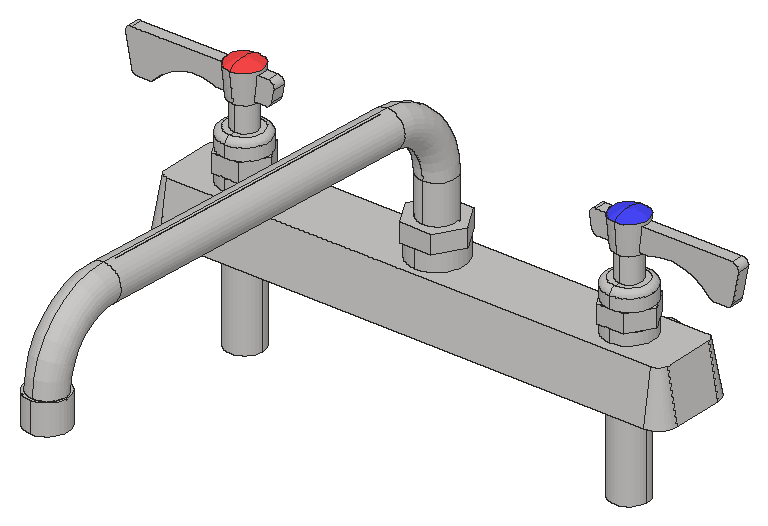
Revit family "Krowne_15-510L_DeckMount_Faucet", category Plumbing Fixtures, Revit 2018
Family settings
  Round Connector Dimension = Use Diameter
  Part Type = Normal
  OmniClass Number = 23.40.40.00
  OmniClass Title = Food Service Equipment and Furnishings
  Work Plane-Based = No
  Always vertical = Yes
  Cut with Voids When Loaded = No
  Shared = No
  Room Calculation Point = No
Parameters (values of type "DefaultType")
  Width = 12 3/4"
  Weight in Pounds = 5
  Watermarked By = ""
  Waste Water Discharge Temperature [instance] = -459.67 °F
  URL Cutsheet = ""
  URL = "https://krowne.com/"
  Status [instance] = ""
  Specification by User [instance] = ""
  Specification by Manufacturer [instance] = ""
  Serial Number [instance] = ""
  Revision Code [instance] = ""
  Plumbing Remarks [instance] = ""
  Plumbing Connection Type = ""
  NAFEM Spec ID Number [instance] = ""
  Model = "15-510L"
  Masterspec [instance] = ""
  Manufacturer = "Krowne Metal"
  KCLRef = "KCL2C9,,0004c594-0000-0000-0000-000000000307,KR,15-510L ,637110199160000000,a02db2c0-4277-4ae8-bdf1-ddcbd58be547,4061826e-60a9-4893-a87e-77ca13a3ba37"
  KCL SpecSheet URL = "http://kclweb.kclcad.com/imagehandler.ashx?kdoc=15-5xxl&R=KR&M=15-510L%20&VC=7&TID=KCLWeb&T=doc"
  Item Number [instance] = "-"
  Installed By [instance] = ""
  Hot Water Temperature = 100 °F
  Hot Water Size = 1/2"
  Hot Water RI Height [instance] = 0"
  Hot Water Minimum Pressure = 0.00 psi
  Hot Water Maximum Pressure = 0.00 psi
  Hot Water Flow = 1.8 GPM
  Hot Water Consumption = 0 GPM
  Hot Water Connection Height = 0"
  Height = 3 3/8"
  Furnished By [instance] = ""
  Foodservice Equipment Identifier = yes
  Description = "Deck Mount Faucet"
  Depth = 1 7/8"
  Cold Water Temperature Recommended = -459.67 °F
  Cold Water Size = 1/2"
  Cold Water RI Height [instance] = 0"
  Cold Water Minimum Pressure = 0.00 psi
  Cold Water Maximum Pressure = 0.00 psi
  Cold Water Flow = 1.8 GPM
  Cold Water Consumption = ""
  Cold Water Connection Height = 0"
  CSI MasterFormat = ""
  Assembly Code = "E1090300"
Reference planes (in)
  plane 1 "BACK": y = 0
  plane 2: z = 0
  plane 3 "LEFT": x = -18.94073
  plane 4 "RIGHT": x = -6.19073
  plane 5 "FRONT": y = -1.875
  plane 6 "TOP": z = 3.375
  plane 7 "CENTER L/R": x = -12.56573
  plane 8 "Top of Body": z = 1.0625
  plane 9: y = -0.9375
  plane 10: z = 2.375
  plane 11: y = -11.0625
  plane 12: z = 4.75
Forms (in)
  Sweep 1, solid, material "QF_Stainless-Polished"
    path origin (-12.56573, 0, 0) x (0, 1, 0) y (0, 0, 1)
      loop
        line (-0.9375, 1.0625) -> (-0.9375, 2.61845)
        arc (-0.9375, 2.61845) -> (-1.31585, 3.56571) -> (-2.24267, 3.99167) r 1.375
        line (-2.24267, 3.99167) -> (-9.61767, 4.36667)
        arc (-9.61767, 4.36667) -> (-10.63476, 3.9901) -> (-11.0625, 2.99345) r 1.375
        line (-11.0625, 2.99345) -> (-11.0625, 2.375)
    profile origin (-12.56573, -0.9375, 1.84047) x (0, -1, 0) y (1, 0, 0)
      loop
        circle (0, 0) r 0.375
      loop
        circle (0, 0) r 0.25
  Extrusion 2, solid, material "QF_Stainless-Polished"
    sketch origin (0, 0, 1.0625) x (0, 1, 0) y (-1, 0, 0)
      loop
        circle (-0.9375, 12.56573) r 0.375
      loop
        circle (-0.9375, 12.56573) r 0.4375
    from 0 to 0.625
  Extrusion 3, solid, material "QF_Stainless-Polished"
    sketch origin (0, 0, 1.0625) x (0, 1, 0) y (-1, 0, 0)
      loop
        circle (-0.9375, 12.56573) r 0.5625
      loop
        circle (-0.9375, 12.56573) r 0.375
    from 0 to 0.375
  Extrusion 4, solid, material "QF_Stainless-Polished"
    sketch origin (0, 0, 1.4375) x (0, 1, 0) y (-1, 0, 0)
      loop
        line (-0.9375, 11.91391) -> (-0.37301, 12.23982) -> (-0.37301, 12.89163) -> (-0.9375, 13.21754) -> (-1.50199, 12.89163) -> (-1.50199, 12.23982) -> (-0.9375, 11.91391)
      loop
        circle (-0.9375, 12.56573) r 0.375
    from 0 to 0.375
  Extrusion 5, solid, material "QF_Stainless-Polished"
    sketch origin (-12.56573, -11.0625, 2.375) x (0, -1, 0) y (-1, 0, 0)
      loop
        circle (0, 0) r 0.375
      loop
        circle (0, 0) r 0.4375
    from 0 to -0.625
Lines and regions (in)
  symbolic lines
    curve 1: line (-12.23982, -0.37301, 0) -> (-12.89163, -0.37301, 0)
    curve 2: line (-12.89163, -0.37301, 0) -> (-13.21754, -0.9375, 0)
    curve 3: line (-13.21754, -0.9375, 0) -> (-12.94073, -1.41696, 0)
    curve 4: line (-12.19073, -1.41696, 0) -> (-11.91391, -0.9375, 0)
    curve 5: line (-11.91391, -0.9375, 0) -> (-12.23982, -0.37301, 0)
    curve 6: arc (-12.56573, -1.3125, 0) -> (-12.94073, -0.9375, 0) -> (-12.56573, -0.5625, 0) r 0.375
    curve 7: arc (-12.56573, -0.5625, 0) -> (-12.19073, -0.9375, 0) -> (-12.56573, -1.3125, 0) r 0.375
    curve 8: arc (-12.94073, -11.0625, 0) -> (-12.83089, -11.32767, 0) -> (-12.56573, -11.4375, 0) r 0.375
    curve 9: arc (-12.56573, -11.4375, 0) -> (-12.30056, -11.32767, 0) -> (-12.19073, -11.0625, 0) r 0.375
    curve 10: line (-12.94073, -11.0625, 0) -> (-12.94073, -0.9375, 0)
    curve 11: line (-12.19073, -0.9375, 0) -> (-12.19073, -11.0625, 0)
Dimensions and locks (in)
  "Width": plane 3 "LEFT" to plane 4 "RIGHT"
  "Depth": plane 5 "FRONT" to plane 1 "BACK"
  "Height": plane 6 "TOP" to plane 2
  plane 8 "Top of Body" to level = 1 1/16"
  equal spacing: plane 5 "FRONT", plane 9, plane 1 "BACK"
  equal spacing: plane 3 "LEFT", plane 7 "CENTER L/R", plane 4 "RIGHT"
  plane 10 to plane 8 "Top of Body" = 1 5/16"
  plane 11 to plane 1 "BACK" = 11 1/16"
  plane 12 to plane 8 "Top of Body" = 3 11/16"
  aligned and locked: level to plane 2
  aligned and locked: plane 9 to Sweep 1 sketch curve
  aligned and locked: Sweep 1 sketch curve to plane 11
  aligned and locked: plane 10 to Sweep 1 sketch curve
Automatic sketch dimensions
  Sweep 1 sketch curve to Sweep 1 sketch curve = 0"  (x2)
  Sweep 1 sketch curve to plane 7 "CENTER L/R" = 0"
  Sweep 1 sketch curve to profile plane = 0"
  Extrusion 2 sketch curve to Extrusion 2 sketch curve = 0"  (x2)
  Extrusion 2 sketch curve to plane 7 "CENTER L/R" = 0"
  plane 9 to Extrusion 2 sketch curve = 0"
  Extrusion 4 sketch curve to Extrusion 4 sketch curve = 0"  (x2)
  Extrusion 4 sketch curve to Extrusion 4 sketch curve = 0.56449"  (x2)
  Extrusion 4 sketch curve to Extrusion 4 sketch curve = 0.32591"  (x5)
  Extrusion 4 sketch curve to Extrusion 4 sketch curve = 0.65182"
  curve 8 to curve 9 = 0"
  plane 9 to curve 2 = 0"
  plane 11 to curve 10 = 0"
  plane 9 to curve 10 = 0"
  curve 6 to plane 7 "CENTER L/R" = 0"
  plane 9 to curve 11 = 0"
  plane 9 to curve 4 = 0"
  plane 9 to curve 6 = 0"
  curve 1 to plane 7 "CENTER L/R" = 0.32591"
  curve 10 to curve 8 = 3/8"
  curve 3 to curve 10 = 0.27682"
  plane 7 "CENTER L/R" to curve 5 = 0.32591"
  curve 11 to curve 4 = 0.27682"
  plane 1 "BACK" to curve 1 = 0.37301"
  curve 3 to curve 6 = 0.10446"
  curve 4 to curve 6 = 0.10446"
  Extrusion 3 sketch curve to Extrusion 3 sketch curve = 0"  (x2)
  Extrusion 3 sketch curve to plane 7 "CENTER L/R" = 0"
  plane 9 to Extrusion 3 sketch curve = 0"
  Sweep 1 sketch curve to plane 8 "Top of Body" = 0"
  Sweep 1 sketch curve to plane 6 "TOP" = 0.38155"
  Sweep 1 sketch curve to plane 12 = 0.38333"
  Sweep 1 sketch curve to Sweep 1 sketch curve = 0.06983"
  plane 5 "FRONT" to Sweep 1 sketch curve = 7/16"
  plane 5 "FRONT" to Sweep 1 sketch curve = 0.36767"
  plane 10 to Sweep 1 sketch curve = 0.24345"
  radius of Sweep 1 sketch curve = 3/8"
  radius of Sweep 1 sketch curve = 1/4"
  radius of Extrusion 2 sketch curve = 3/8"
  radius of Extrusion 2 sketch curve = 7/16"
  radius of Extrusion 4 sketch curve to Extrusion 3 = 0"
  radius of Extrusion 5 sketch curve to Sweep 1 = 0"
  radius of Sweep 1 to Extrusion 5 sketch curve = 1/16"
  radius of Extrusion 3 sketch curve = 9/16"
  radius of Extrusion 3 sketch curve = 3/8"
Nested families (in)
  nested 1: "QF_Krowne_15-5_Body" at (-0.1875, -0.03125, 0), type "QF_Krowne_15-5_Body"
Connectors (in)
  piping at (-16.56573, 0.21875, 0.53125), diameter 0.5, driven by "Hot Water Flow", driven by "Hot Water Size"
    settings: on nested 1, index 1, connector inside diameter 24", connector length 0", flow factor 0, pipe flow 1.8 GPM, pressure drop 0.00 psi, fitting loss kfactor 0, connector angle 0.00°, fixture units 0, engagement length 0", angle of deflection 0.00°, flow configuration 1, flow direction 1, fitting loss method 0, system type 19, joint type 0, gender type 0, connector reference index -1, connector utility 0, adjustable connector no, is connector primary yes, connector description "HOT WATER"
  piping at (-8.56573, 0.21875, 0.53125), diameter 0.5, driven by "Cold Water Flow", driven by "Cold Water Size"
    settings: on nested 1, index 2, connector inside diameter 24", connector length 0", flow factor 0, pipe flow 1.8 GPM, pressure drop 0.00 psi, fitting loss kfactor 0, connector angle 0.00°, fixture units 0, engagement length 0", angle of deflection 0.00°, flow configuration 1, flow direction 1, fitting loss method 0, system type 20, joint type 0, gender type 0, connector reference index -1, connector utility 0, adjustable connector no, is connector primary no, connector description "COLD WATER"
Definition of nested family "QF_Krowne_15-5_Body"
  Parameters (values of type "QF_Krowne_15-5_Body")
    Width = 12 3/4"
    Watermarked By = ""
    Height = 3 7/8"
    Description = ""
    Depth = 1 13/16"
  Reference planes (in)
    plane 1 "BACK": y = 0
    plane 2: z = 0
    plane 3 "LEFT": x = -18.75323
    plane 4 "RIGHT": x = -6.00323
    plane 5 "TOP": z = 3.1875
    plane 6 "Center": x = -12.37823
    plane 7 "Left of Handle": x = -16.37823
    plane 8 "Right of Handle": x = -8.37823
    plane 9 "Top of Body": z = 1.0625
    plane 10 "FRONT": y = -1.8125
    plane 11: x = -17.78448
    plane 12: x = -6.97198
    plane 13 "Faucet Handle Center": y = -0.90625
    plane 14: y = -0.78125
    plane 15: y = -1.03125
    plane 16: z = 0.53125
    plane 17: z = 3.375
  Forms (in)
    Blend 1, solid
      base sketch origin (0, 0, 0) x (1, 0, 0) y (0, 1, 0)
        loop
          line (-17.40948, -1.8125) -> (-7.34698, -1.8125)
          arc (-7.34698, -1.8125) -> (-7.08181, -1.70267) -> (-6.97198, -1.4375) r 0.375
          line (-6.97198, -1.4375) -> (-6.97198, -0.375)
          arc (-6.97198, -0.375) -> (-7.08181, -0.10983) -> (-7.34698, 0) r 0.375
          line (-7.34698, 0) -> (-17.40948, 0)
          arc (-17.40948, 0) -> (-17.67464, -0.10983) -> (-17.78448, -0.375) r 0.375
          line (-17.78448, -0.375) -> (-17.78448, -1.4375)
          arc (-17.78448, -1.4375) -> (-17.67464, -1.70267) -> (-17.40948, -1.8125) r 0.375
      top sketch origin (0, 0, 0) x (1, 0, 0) y (0, 1, 0)
        loop
          arc (-17.59698, -1.4375) -> (-17.54206, -1.57008) -> (-17.40948, -1.625) r 0.1875
          line (-17.40948, -1.625) -> (-7.34698, -1.625)
          arc (-7.34698, -1.625) -> (-7.21439, -1.57008) -> (-7.15948, -1.4375) r 0.1875
          line (-7.15948, -1.4375) -> (-7.15948, -0.375)
          arc (-7.15948, -0.375) -> (-7.21439, -0.24242) -> (-7.34698, -0.1875) r 0.1875
          line (-7.34698, -0.1875) -> (-17.40948, -0.1875)
          arc (-17.40948, -0.1875) -> (-17.54206, -0.24242) -> (-17.59698, -0.375) r 0.1875
          line (-17.59698, -0.375) -> (-17.59698, -1.4375)
      from 0 to 1.0625
    Extrusion 2, solid
      sketch origin (0, 0, 1.0625) x (0, 1, 0) y (-1, 0, 0)
        loop
          circle (-0.90625, 16.37823) r 0.5
        loop
          circle (-0.90625, 8.37823) r 0.5
      from 0 to 0.25
    Extrusion 3, solid
      sketch origin (0, 0, 1.3125) x (0, 1, 0) y (-1, 0, 0)
        loop
          line (-0.90625, 15.81573) -> (-0.41911, 16.09698) -> (-0.41911, 16.65948) -> (-0.90625, 16.94073) -> (-1.39339, 16.65948) -> (-1.39339, 16.09698) -> (-0.90625, 15.81573)
        loop
          line (-0.90625, 7.81573) -> (-0.41911, 8.09698) -> (-0.41911, 8.65948) -> (-0.90625, 8.94073) -> (-1.39339, 8.65948) -> (-1.39339, 8.09698) -> (-0.90625, 7.81573)
      from 0 to 0.375
    Revolve 4, solid
      sketch origin (-16.37823, 0, 0) x (0, 1, 0) y (0, 0, 1)
        loop
          line (-0.90625, 1.6875) -> (-0.40625, 1.6875) -> (-0.40625, 1.9375)
          arc (-0.40625, 1.9375) -> (-0.44286, 2.02589) -> (-0.53125, 2.0625) r 0.125
          line (-0.53125, 2.0625) -> (-0.90625, 2.0625) -> (-0.90625, 1.6875)
        axis (-0.90625, 1.6875) -> (-0.90625, 2.0625)
      angle from 0 to 360
    Revolve 5, solid
      sketch origin (-8.37823, 0, 0) x (0, 1, 0) y (0, 0, 1)
        loop
          line (-0.90625, 1.6875) -> (-0.40625, 1.6875) -> (-0.40625, 1.9375)
          arc (-0.40625, 1.9375) -> (-0.44286, 2.02589) -> (-0.53125, 2.0625) r 0.125
          line (-0.53125, 2.0625) -> (-0.90625, 2.0625) -> (-0.90625, 1.6875)
        axis (-0.90625, 1.6875) -> (-0.90625, 2.0625)
      angle from 0 to 360
    Revolve 6, solid
      sketch origin (-8.37823, 0, 0) x (0, 1, 0) y (0, 0, 1)
        loop
          line (-0.90625, 2.0625) -> (-0.65625, 2.0625) -> (-0.65625, 2.625) -> (-0.90625, 2.625) -> (-0.90625, 2.0625)
        axis (-0.90625, 2.0625) -> (-0.90625, 2.625)
      angle from 0 to 360
    Revolve 7, solid
      sketch origin (-16.37823, 0, 0) x (0, 1, 0) y (0, 0, 1)
        loop
          line (-0.90625, 2.0625) -> (-0.65625, 2.0625) -> (-0.65625, 2.625) -> (-0.90625, 2.625) -> (-0.90625, 2.0625)
        axis (-0.90625, 2.0625) -> (-0.90625, 2.625)
      angle from 0 to 360
    Revolve 8, solid
      sketch origin (-16.37823, 0, 0) x (0, 1, 0) y (0, 0, 1)
        loop
          line (-0.90625, 2.625) -> (-0.59375, 2.625) -> (-0.53125, 3.25) -> (-0.90625, 3.25) -> (-0.90625, 2.625)
        axis (-0.90625, 2.625) -> (-0.90625, 3.25)
      angle from 0 to 360
    Revolve 9, solid
      sketch origin (-8.37823, 0, 0) x (0, 1, 0) y (0, 0, 1)
        loop
          line (-0.90625, 2.625) -> (-0.59375, 2.625) -> (-0.53125, 3.25) -> (-0.90625, 3.25) -> (-0.90625, 2.625)
        axis (-0.90625, 2.625) -> (-0.90625, 3.25)
      angle from 0 to 360
    Revolve 10, solid
      sketch origin (-16.37823, 0, 0) x (0, 1, 0) y (0, 0, 1)
        loop
          line (-0.90625, 3.25) -> (-0.53125, 3.25)
          arc (-0.53125, 3.25) -> (-0.70704, 3.34763) -> (-0.90625, 3.375) r 0.54601
          line (-0.90625, 3.375) -> (-0.90625, 3.25)
        axis (-0.90625, 3.25) -> (-0.90625, 3.375)
      angle from 0 to 360
    Revolve 11, solid
      sketch origin (-8.37823, 0, 0) x (0, 1, 0) y (0, 0, 1)
        loop
          line (-0.90625, 3.25) -> (-0.53125, 3.25)
          arc (-0.53125, 3.25) -> (-0.70704, 3.34763) -> (-0.90625, 3.375) r 0.54601
          line (-0.90625, 3.375) -> (-0.90625, 3.25)
        axis (-0.90625, 3.25) -> (-0.90625, 3.375)
      angle from 0 to 360
    Extrusion 12, solid
      sketch origin (0, 0, 0) x (1, 0, 0) y (0, 0, 1)
        loop
          circle (-16.37823, 0.53125) r 0.25
        loop
          circle (-8.37823, 0.53125) r 0.25
      from 0.21074 to -0.25
    Extrusion 13, solid
      sketch origin (0, -0.90625, 0) x (1, 0, 0) y (0, 0, 1)
        loop
          arc (-18.62823, 3.1875) -> (-18.72489, 3.14175) -> (-18.7508, 3.03799) r 0.125
          line (-18.7508, 3.03799) -> (-18.62581, 2.41303)
          arc (-18.62581, 2.41303) -> (-18.58249, 2.34087) -> (-18.50324, 2.31254) r 0.125
          line (-18.50324, 2.31254) -> (-18.25335, 2.31254)
          arc (-18.25335, 2.31254) -> (-18.20057, 2.32423) -> (-18.15766, 2.35712) r 0.125
          arc (-18.15766, 2.35712) -> (-17.58494, 2.72229) -> (-16.90628, 2.69449) r 1.13354
          arc (-16.90628, 2.69449) -> (-16.88545, 2.68898) -> (-16.86398, 2.68712) r 0.125
          line (-16.86398, 2.68712) -> (-15.83077, 2.68712)
          arc (-15.83077, 2.68712) -> (-15.75152, 2.71545) -> (-15.7082, 2.78761) r 0.125
          line (-15.7082, 2.78761) -> (-15.65813, 3.03799)
          arc (-15.65813, 3.03799) -> (-15.68403, 3.14175) -> (-15.7807, 3.1875) r 0.125
          line (-15.7807, 3.1875) -> (-18.62823, 3.1875)
        loop
          line (-6.12823, 3.1875) -> (-8.97575, 3.1875)
          arc (-8.97575, 3.1875) -> (-9.07242, 3.14175) -> (-9.09832, 3.03799) r 0.125
          line (-9.09832, 3.03799) -> (-9.04825, 2.78761)
          arc (-9.04825, 2.78761) -> (-9.00493, 2.71545) -> (-8.92568, 2.68712) r 0.125
          line (-8.92568, 2.68712) -> (-7.89247, 2.68712)
          arc (-7.89247, 2.68712) -> (-7.871, 2.68898) -> (-7.85017, 2.69449) r 0.125
          arc (-7.85017, 2.69449) -> (-7.17151, 2.72229) -> (-6.59879, 2.35712) r 1.13354
          arc (-6.59879, 2.35712) -> (-6.55588, 2.32423) -> (-6.5031, 2.31254) r 0.125
          line (-6.5031, 2.31254) -> (-6.25321, 2.31254)
          arc (-6.25321, 2.31254) -> (-6.17396, 2.34087) -> (-6.13064, 2.41303) r 0.125
          line (-6.13064, 2.41303) -> (-6.00565, 3.03799)
          arc (-6.00565, 3.03799) -> (-6.03156, 3.14175) -> (-6.12823, 3.1875) r 0.125
      from -0.125 to 0.125
    Extrusion 14, solid
      sketch origin (0, 0, 0) x (1, 0, 0) y (0, 1, 0)
        loop
          circle (-16.37823, -0.90625) r 0.375
      from 0 to -2
    Extrusion 15, solid
      sketch origin (0, 0, 0) x (1, 0, 0) y (0, 1, 0)
        loop
          circle (-8.37823, -0.90625) r 0.375
      from 0 to -2
  Lines and regions (in)
    symbolic lines
      curve 1: line (-18.75323, -0.78125, 1.0625) -> (-15.6557, -0.78125, 1.0625)
      curve 2: line (-18.75323, -1.03125, 1.0625) -> (-18.75323, -0.78125, 1.0625)
      curve 3: line (-15.6557, -1.03125, 1.0625) -> (-18.75323, -1.03125, 1.0625)
      curve 4: line (-15.6557, -0.78125, 1.0625) -> (-15.6557, -1.03125, 1.0625)
      curve 5: line (-6.00323, -0.78125, 1.0625) -> (-9.10075, -0.78125, 1.0625)
      curve 6: line (-6.00323, -1.03125, 1.0625) -> (-6.00323, -0.78125, 1.0625)
      curve 7: line (-9.10075, -1.03125, 1.0625) -> (-6.00323, -1.03125, 1.0625)
      curve 8: line (-9.10075, -0.78125, 1.0625) -> (-9.10075, -1.03125, 1.0625)
      curve 9: line (-7.34698, 0, 1.0625) -> (-17.40948, 0, 1.0625)
      curve 10: line (-6.97198, -1.4375, 1.0625) -> (-6.97198, -1.03125, 1.0625)
      curve 11: line (-17.40948, -1.8125, 1.0625) -> (-7.34698, -1.8125, 1.0625)
      curve 12: line (-17.78448, -0.375, 1.0625) -> (-17.78448, -0.78125, 1.0625)
      curve 13: line (-17.78448, -1.03125, 1.0625) -> (-17.78448, -1.4375, 1.0625)
      curve 14: line (-6.97198, -0.78125, 1.0625) -> (-6.97198, -0.375, 1.0625)
      curve 15: line (-16.65948, -0.41911, 1.0625) -> (-16.86856, -0.78125, 1.0625)
      curve 16: line (-16.65948, -0.41911, 1.0625) -> (-16.09698, -0.41911, 1.0625)
      curve 17: line (-16.09698, -0.41911, 1.0625) -> (-15.88789, -0.78125, 1.0625)
      curve 18: line (-16.09698, -1.39339, 1.0625) -> (-16.65948, -1.39339, 1.0625)
      curve 19: line (-16.65948, -1.39339, 1.0625) -> (-16.86856, -1.03125, 1.0625)
      curve 20: line (-16.09698, -1.39339, 1.0625) -> (-15.88789, -1.03125, 1.0625)
      curve 21: line (-8.65948, -0.41911, 1.0625) -> (-8.09698, -0.41911, 1.0625)
      curve 22: line (-8.09698, -0.41911, 1.0625) -> (-7.88789, -0.78125, 1.0625)
      curve 23: line (-8.65948, -0.41911, 1.0625) -> (-8.86856, -0.78125, 1.0625)
      curve 24: line (-8.09698, -1.39339, 1.0625) -> (-8.65948, -1.39339, 1.0625)
      curve 25: line (-8.65948, -1.39339, 1.0625) -> (-8.86856, -1.03125, 1.0625)
      curve 26: line (-8.09698, -1.39339, 1.0625) -> (-7.88789, -1.03125, 1.0625)
      curve 27: arc (-17.78448, -0.375, 1.0625) -> (-17.67464, -0.10983, 1.0625) -> (-17.40948, 0, 1.0625) r 0.375
      curve 28: arc (-6.97198, -0.375, 1.0625) -> (-7.08181, -0.10983, 1.0625) -> (-7.34698, 0, 1.0625) r 0.375
      curve 29: arc (-6.97198, -1.4375, 1.0625) -> (-7.08181, -1.70267, 1.0625) -> (-7.34698, -1.8125, 1.0625) r 0.375
      curve 30: arc (-17.40948, -1.8125, 1.0625) -> (-17.67464, -1.70267, 1.0625) -> (-17.78448, -1.4375, 1.0625) r 0.375
      curve 31: line (-7.34698, -0.1875, 1.0625) -> (-17.40948, -0.1875, 1.0625)
      curve 32: arc (-17.40948, -0.1875, 1.0625) -> (-17.54206, -0.24242, 1.0625) -> (-17.59698, -0.375, 1.0625) r 0.1875
      curve 33: arc (-17.59698, -1.4375, 1.0625) -> (-17.54206, -1.57008, 1.0625) -> (-17.40948, -1.625, 1.0625) r 0.1875
      curve 34: line (-17.40948, -1.625, 1.0625) -> (-7.34698, -1.625, 1.0625)
      curve 35: arc (-7.34698, -1.625, 1.0625) -> (-7.21439, -1.57008, 1.0625) -> (-7.15948, -1.4375, 1.0625) r 0.1875
      curve 36: arc (-7.15948, -0.375, 1.0625) -> (-7.21439, -0.24242, 1.0625) -> (-7.34698, -0.1875, 1.0625) r 0.1875
      curve 37: line (-7.15948, -0.375, 1.0625) -> (-7.15948, -0.78125, 1.0625)
      curve 38: line (-7.15948, -1.4375, 1.0625) -> (-7.15948, -1.03125, 1.0625)
      curve 39: line (-17.59698, -1.4375, 1.0625) -> (-17.59698, -1.03125, 1.0625)
      curve 40: line (-17.59698, -0.375, 1.0625) -> (-17.59698, -0.78125, 1.0625)
  Dimensions and locks (in)
    "Width": plane 3 "LEFT" to plane 4 "RIGHT"
    plane 9 "Top of Body" to level = 1 1/16"
    equal spacing: plane 10 "FRONT", plane 13 "Faucet Handle Center", plane 1 "BACK"
    equal spacing: plane 15, plane 13 "Faucet Handle Center", plane 14
    locked: plane 15 to plane 14 at 0.25
    equal spacing: plane 9 "Top of Body", plane 16, level
    "Depth": plane 10 "FRONT" to plane 1 "BACK"
    plane 5 "TOP" to level = 3 3/16"
    plane 17 to level = 3 3/8"
    plane 7 "Left of Handle" to plane 8 "Right of Handle" = 8"
    equal spacing: plane 7 "Left of Handle", plane 6 "Center", plane 8 "Right of Handle"
    locked: plane 3 "LEFT" to plane 11 at 0.96875
    locked: plane 12 to plane 4 "RIGHT" at 0.96875
    aligned and locked: level to plane 2
    aligned and locked: plane 9 "Top of Body" to Blend 1
    aligned and locked: Extrusion 3 to Revolve 5 sketch curve
    aligned and locked: Revolve 8 sketch curve to Revolve 8 sketch curve
    aligned and locked: Revolve 9 sketch curve to Revolve 9 sketch curve
    aligned and locked: plane 4 "RIGHT" to curve 6
    aligned and locked: curve 12 to plane 11
    aligned and locked: plane 10 "FRONT" to Blend 1 sketch curve
    aligned and locked: Blend 1 sketch curve to plane 11
    aligned and locked: plane 10 "FRONT" to curve 11
    aligned and locked: plane 13 "Faucet Handle Center" to Revolve 5 sketch curve
    aligned and locked: Extrusion 13 to plane 14
    aligned and locked: plane 15 to Extrusion 13
  Automatic sketch dimensions
    Extrusion 2 sketch curve to plane 8 "Right of Handle" = 0"
    plane 13 "Faucet Handle Center" to Extrusion 2 sketch curve = 0"  (x2)
    Extrusion 2 sketch curve to plane 7 "Left of Handle" = 0"
    Revolve 4 sketch curve to plane 13 "Faucet Handle Center" = 0"  (x2)
    Revolve 4 sketch curve to Revolve 4 sketch curve = 3/8"
    Revolve 4 sketch curve to Revolve 4 sketch curve = 1/8"
    plane 9 "Top of Body" to Revolve 4 sketch curve = 5/8"
    Revolve 4 sketch curve to Revolve 4 sketch curve = 1/4"
    Revolve 4 sketch curve to Revolve 4 sketch curve = 0"  (x2)
    Revolve 5 sketch curve to plane 13 "Faucet Handle Center" = 0"
    Revolve 5 sketch curve to Revolve 5 sketch curve = 3/8"
    Revolve 5 sketch curve to Revolve 5 sketch curve = 1/8"
    Revolve 5 sketch curve to Revolve 5 sketch curve = 0"  (x2)
    Revolve 5 sketch curve to Revolve 5 sketch curve = 1/4"
    Revolve 6 sketch curve to plane 13 "Faucet Handle Center" = 0"  (x2)
    Revolve 6 sketch curve to plane 13 "Faucet Handle Center" = 1/4"
    plane 9 "Top of Body" to Revolve 6 sketch curve = 1"
    Revolve 6 sketch curve to Revolve 6 sketch curve = 9/16"
    Revolve 6 sketch curve to Revolve 6 sketch curve = 3/8"
    Revolve 6 sketch curve to Revolve 6 sketch curve = 0"
    Revolve 7 sketch curve to plane 13 "Faucet Handle Center" = 0"  (x2)
    Revolve 7 sketch curve to Revolve 7 sketch curve = 1/4"
    plane 9 "Top of Body" to Revolve 7 sketch curve = 1"
    Revolve 7 sketch curve to Revolve 7 sketch curve = 9/16"
    Revolve 7 sketch curve to Revolve 7 sketch curve = 3/8"
    Revolve 7 sketch curve to Revolve 7 sketch curve = 0"
    Revolve 8 sketch curve to plane 13 "Faucet Handle Center" = 0"
    Revolve 8 sketch curve to Revolve 8 sketch curve = 5/16"
    plane 5 "TOP" to Revolve 8 sketch curve = 1/16"
    Revolve 8 sketch curve to Revolve 8 sketch curve = 3/8"
    Revolve 8 sketch curve to plane 5 "TOP" = 9/16"
    Revolve 8 sketch curve to Revolve 8 sketch curve = 0"  (x2)
    Revolve 9 sketch curve to plane 13 "Faucet Handle Center" = 0"
    Revolve 9 sketch curve to plane 13 "Faucet Handle Center" = 5/16"
    plane 5 "TOP" to Revolve 9 sketch curve = 1/16"
    Revolve 9 sketch curve to plane 13 "Faucet Handle Center" = 3/8"
    Revolve 9 sketch curve to plane 5 "TOP" = 9/16"
    Revolve 9 sketch curve to Revolve 9 sketch curve = 0"  (x2)
    Revolve 10 sketch curve to plane 13 "Faucet Handle Center" = 0"  (x2)
    Revolve 10 sketch curve to plane 13 "Faucet Handle Center" = 0.02655"
    plane 5 "TOP" to Revolve 10 sketch curve = 1/16"
    Revolve 10 sketch curve to Revolve 10 sketch curve = 3/8"
    Revolve 10 sketch curve to plane 5 "TOP" = 0.35786"
    Revolve 10 sketch curve to Revolve 10 sketch curve = 0"  (x2)
    Revolve 11 sketch curve to plane 13 "Faucet Handle Center" = 0"  (x2)
    Revolve 11 sketch curve to plane 13 "Faucet Handle Center" = 0.02655"
    plane 5 "TOP" to Revolve 11 sketch curve = 1/16"
    Revolve 11 sketch curve to Revolve 11 sketch curve = 3/8"
    Revolve 11 sketch curve to plane 5 "TOP" = 0.35786"
    Revolve 11 sketch curve to Revolve 11 sketch curve = 0"  (x2)
    Extrusion 12 sketch curve to plane 7 "Left of Handle" = 0"
    Extrusion 12 sketch curve to plane 8 "Right of Handle" = 0"
    Extrusion 12 sketch curve to plane 16 = 0"  (x2)
    plane 11 to Blend 1 sketch curve = 3/8"
    Blend 1 sketch curve to Blend 1 sketch curve = 3/8"
    plane 1 "BACK" to Blend 1 sketch curve = 3/8"  (x2)
    Blend 1 sketch curve to plane 12 = 3/8"
    Blend 1 sketch curve to plane 12 = 3/16"
    Blend 1 sketch curve to Blend 1 sketch curve = 3/16"  (x4)
    plane 11 to Blend 1 sketch curve = 3/16"
    Blend 1 sketch curve to plane 10 "FRONT" = 3/8"
    plane 1 "BACK" to Blend 1 sketch curve = 0"
    Blend 1 sketch curve to plane 12 = 0"
    curve 27 to curve 32 = 0"  (x2)
    curve 28 to curve 36 = 0"  (x2)
    curve 29 to curve 35 = 0"  (x2)
    curve 30 to curve 33 = 0"  (x2)
    curve 30 to plane 11 = 0"
    curve 29 to plane 12 = 0"
    plane 15 to curve 4 = 0"
    plane 15 to curve 26 = 0"
    plane 14 to curve 40 = 0"
    plane 14 to curve 23 = 0"
    curve 14 to plane 12 = 0"
    plane 1 "BACK" to curve 9 = 0"
    curve 34 to plane 10 "FRONT" = 3/16"
    curve 33 to curve 33 = 3/16"
    curve 34 to curve 35 = 3/16"
    plane 15 to curve 26 = 0.36214"
    plane 15 to curve 20 = 0.36214"
    curve 17 to plane 14 = 0.36214"
    curve 23 to plane 14 = 0.36214"
    curve 27 to curve 27 = 3/8"
    plane 1 "BACK" to curve 14 = 3/8"
    curve 31 to curve 28 = 3/16"
    plane 8 "Right of Handle" to curve 22 = 9/32"
    plane 8 "Right of Handle" to curve 24 = 9/32"
    curve 24 to plane 8 "Right of Handle" = 9/32"
    curve 21 to plane 8 "Right of Handle" = 9/32"
    curve 21 to curve 8 = 0.44128"
    plane 7 "Left of Handle" to curve 4 = 0.72253"
    plane 7 "Left of Handle" to curve 20 = 9/32"
    plane 7 "Left of Handle" to curve 17 = 9/32"
    curve 19 to plane 7 "Left of Handle" = 9/32"
    curve 16 to plane 7 "Left of Handle" = 9/32"
    curve 2 to plane 3 "LEFT" = 0"
    curve 22 to curve 21 = 0.20908"
    curve 26 to curve 22 = 0"
    curve 23 to curve 5 = 0.2322"
    curve 25 to curve 7 = 0.2322"
    curve 3 to curve 20 = 0.2322"
    curve 1 to curve 17 = 0.2322"
    curve 18 to curve 19 = 0.20908"
    curve 15 to curve 19 = 0"
    Extrusion 3 sketch curve to Extrusion 3 sketch curve = 0"
    Extrusion 3 sketch curve to Extrusion 3 sketch curve = 0.48714"  (x6)
    Extrusion 3 sketch curve to Extrusion 3 sketch curve = 9/32"  (x6)
    Extrusion 3 sketch curve to Extrusion 3 sketch curve = 9/16"  (x4)
    Extrusion 3 sketch curve to Extrusion 3 sketch curve = 6 7/8"
    Extrusion 13 sketch curve to plane 5 "TOP" = 0"  (x2)
    Extrusion 13 sketch curve to plane 7 "Left of Handle" = 2.37257"
    Extrusion 13 sketch curve to plane 7 "Left of Handle" = 2 1/4"
    Extrusion 13 sketch curve to plane 7 "Left of Handle" = 2.24759"
    Extrusion 13 sketch curve to plane 7 "Left of Handle" = 2 1/8"
    Extrusion 13 sketch curve to Extrusion 13 sketch curve = 0.24989"
    plane 9 "Top of Body" to Extrusion 13 sketch curve = 0.56533"  (x2)
    Extrusion 13 sketch curve to Extrusion 13 sketch curve = 0.96348"
    Extrusion 13 sketch curve to plane 5 "TOP" = 0.50038"  (x2)
    Extrusion 13 sketch curve to Extrusion 13 sketch curve = 0.42589"  (x2)
    Extrusion 13 sketch curve to Extrusion 13 sketch curve = 1.03321"  (x2)
    Extrusion 13 sketch curve to plane 5 "TOP" = 1/8"  (x2)
    Extrusion 13 sketch curve to Extrusion 13 sketch curve = 0.05007"  (x2)
    Extrusion 13 sketch curve to plane 5 "TOP" = 0.39989"  (x2)
    Extrusion 13 sketch curve to Extrusion 13 sketch curve = 0.12257"  (x3)
    Extrusion 13 sketch curve to plane 5 "TOP" = 0.14951"  (x4)
    plane 6 "Center" to Extrusion 13 sketch curve = 3.2799"
    plane 8 "Right of Handle" to Extrusion 13 sketch curve = 1.87513"
    plane 8 "Right of Handle" to Extrusion 13 sketch curve = 2 1/8"
    plane 8 "Right of Handle" to Extrusion 13 sketch curve = 2.24759"
    plane 8 "Right of Handle" to Extrusion 13 sketch curve = 2 1/4"
    Extrusion 13 sketch curve to plane 5 "TOP" = 0.87496"
    Extrusion 13 sketch curve to Extrusion 13 sketch curve = 0.74996"
    Extrusion 13 sketch curve to Extrusion 13 sketch curve = 0.10049"  (x2)
    Extrusion 13 sketch curve to Extrusion 13 sketch curve = 1/8"  (x4)
    Extrusion 13 sketch curve to Extrusion 13 sketch curve = 0"  (x2)
    Extrusion 14 sketch curve to plane 7 "Left of Handle" = 0"
    plane 13 "Faucet Handle Center" to Extrusion 14 sketch curve = 0"
    Extrusion 15 sketch curve to plane 8 "Right of Handle" = 0"
    plane 13 "Faucet Handle Center" to Extrusion 15 sketch curve = 0"
    radius of Extrusion 2 sketch curve = 1/2"  (x2)
    radius of Extrusion 12 sketch curve = 1/4"  (x2)
    radius of Extrusion 14 sketch curve = 3/8"
    radius of Extrusion 15 sketch curve = 3/8"
